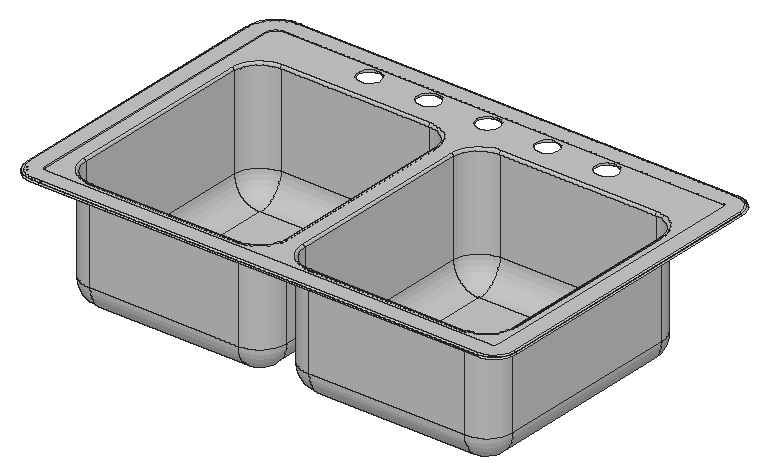
Revit family "Sink-Topmount-Acorn-DD-3322-80_Series", category Plumbing Fixtures, host Face, Revit 2019
Family settings
  Host = Face
  Round Connector Dimension = Use Diameter
  Part Type = Normal
  OmniClass Number = 23.45.05.14.14
  OmniClass Title = Sinks/Lavatories
  Cut with Voids When Loaded = No
  Shared = Yes
  Room Calculation Point = No
Parameters (values of type "DD-3322-80-5")
  Width = 33"  # constant formula
  Waste Connection = no
  WFU = 4  # constant formula
  Vent Connection = no
  URL = "https://www.acorneng.com/home"
  Type Comments = ""
  Right Faucet Hole Distance 2 = 8"
  Right Faucet Hole Distance = 4"
  Right Faucet Hole Depth 2 = 2"
  Right Faucet Hole Depth = 2"
  Revised Date = "11/21/2024"  # constant formula
  Product Page URL = "https://www.acorneng.com/acorn-sinks-drop-in-double-bowl-dd-3322"
  Product Documentation Link = "https://www.acorneng.com/uploads/fileLibrary/DD-3322_pkt.pdf"
  Model = "DD-3322-80-5"
  Material = "Stainless Steel-Acorn-Satin"  # constant formula
  Manufacturer = "Acorn"
  Length = 22"  # constant formula
  Left Faucet Hole Distance 2 = 8"
  Left Faucet Hole Distance = 4"
  Left Faucet Hole Depth 2 = 2"
  Left Faucet Hole Depth = 2"
  Installation Type = "Wall Mounted"
  Height = 8"
  HWFU = 3  # constant formula
  HW Connection = no
  Finish = Stainless Steel-Acorn-Satin
  Drain Opening Size = 3 1/2"
  Description = "Stainless Steel Drop In Sink"
  Default Elevation = 34"
  Creation Date = "23/12/2023"  # constant formula
  Compliance Certifications = "ASME A112.19.3/CSA B45.4, IAPMO® Certified"
  Central Faucet Hole Depth = 2"
  CWFU = 3  # constant formula
  CW Connection = no
  Bowl Width = 13 1/2"  # constant formula
  Bowl Length = 16"  # constant formula
  Assembly Code = "D2010440"
  -5 5 Holes on 4” Centers = yes
  -4R 3 Holes on 4” Centers w/ 4th Hole 4" to Right = no
  -3 3 Holes on 4” Centers (8” Centerset) = no
  -2R Single Hole Centered w/ 2nd Hole 4” to Right = no
  -1 Single Hole Centered = no
  -0 Blank, No Deck Punching = no
  -2 2 Holes on 4” Centers (4” Centerset) = no
Types (9): name | Right Faucet Hole Distance 2 | Right Faucet Hole Distance | Right Faucet Hole Depth 2 | Right Faucet Hole Depth | Model | Left Faucet Hole Distance 2 | Left Faucet Hole Distance | Left Faucet Hole Depth 2 | Left Faucet Hole Depth | Central Faucet Hole Depth | -5 5 Holes on 4” Centers | -4R 3 Holes on 4” Centers w/ 4th Hole 4" to Right | -3 3 Holes on 4” Centers (8” Centerset) | -2R Single Hole Centered w/ 2nd Hole 4” to Right | -1 Single Hole Centered | -0 Blank, No Deck Punching | -2 2 Holes on 4” Centers (4” Centerset)
  (no name) | 8" | 4" | 2" | 2" | "DD-3322-80-5" | 8" | 4" | 2" | 2" | 2" | yes | no | no | no | no | no | no
  DD-3322-80-0 | 6" | 4" | 1" | 1" | "DD-3322-80-0" | 6" | 4" | 1" | 1" | 1" | no | no | no | no | no | yes | no
  DD-3322-80-1 | 6" | 4" | 1" | 1" | "DD-3322-80-1" | 6" | 4" | 1" | 1" | 2" | no | no | no | no | yes | no | no
  DD-3322-80-2R | 6" | 4" | 1" | 2" | "DD-3322-80-2R" | 6" | 4" | 1" | 1" | 2" | no | no | no | yes | no | no | no
  DD-3322-80-2 | 6" | 2" | 1" | 2" | "DD-3322-80-2" | 6" | 2" | 1" | 2" | 1" | no | no | no | no | no | no | yes
  DD-3322-80-3 | 6" | 4" | 1" | 2" | "DD-3322-80-3" | 6" | 4" | 1" | 2" | 2" | no | no | yes | no | no | no | no
  DD-3322-80-4R | 8" | 4" | 2" | 2" | "DD-3322-80-4R" | 6" | 4" | 1" | 2" | 2" | no | yes | no | no | no | no | no
  DD-3322-80-5 | 8" | 4" | 2" | 2" | "DD-3322-80-5" | 8" | 4" | 2" | 2" | 2" | yes | no | no | no | no | no | no
  DD-3322-80-4L | 8" | 4" | 1" | 2" | "DD-3322-80-4L" | 8" | 4" | 2" | 2" | 2" | no | yes | no | no | no | no | no
Reference planes (in)
  plane 1 "Center (Front/Back)": y = 0
  plane 2: z = 0
  plane 3 "Center (Left/Right)": x = 0
  plane 4: z = -8
  plane 5: z = 2
  plane 6: z = 0
  plane 7: z = 0
  plane 8: z = 0
  plane 9: y = -22
  plane 10: y = -20.25
  plane 11: y = -4.25
  plane 12: y = -12.25
  plane 13: x = -16.5
  plane 14: x = 16.5
  plane 15: x = -7.375
  plane 16: x = 7.375
  plane 17: x = -14.125
  plane 18: x = -0.625
  plane 19: z = 0
  plane 20: z = 0
  plane 21: x = -8
  plane 22: x = 8
  plane 23: x = -4
  plane 24: x = 4
  plane 25: y = -2.25
  plane 26: x = 14.125
  plane 27: x = 0.625
Forms (in)
  Sweep 1, solid, material "Stainless Steel-Acorn-Satin" <- "Finish"
    path origin (0, 0.25, 0) x (1, 0, 0) y (0, 1, 0)
      loop
        arc (-14.5, -0.25) -> (-15.91421, -0.83579) -> (-16.5, -2.25) r 2
        line (-16.5, -2.25) -> (-16.5, -20.25)
        arc (-16.5, -20.25) -> (-15.91421, -21.66421) -> (-14.5, -22.25) r 2
        line (-14.5, -22.25) -> (15, -22.25)
        arc (15, -22.25) -> (16.06066, -21.81066) -> (16.5, -20.75) r 1.5
        line (16.5, -20.75) -> (16.5, -1.75)
        arc (16.5, -1.75) -> (16.06066, -0.68934) -> (15, -0.25) r 1.5
        line (15, -0.25) -> (-14.5, -0.25)
    profile origin (-16.5, -11, 0) x (-1, 0, 0) y (0, 0, 1)
      loop
        line (0, 0) -> (-0.06578, 0.05327)
        arc (-0.06578, 0.05327) -> (-0.12375, 0.08573) -> (-0.18922, 0.09698) r 0.19614
        line (-0.18922, 0.09698) -> (-0.2407, 0.09698) -> (-0.2407, 0) -> (0, 0)
  Extrusion 2, solid, material "Stainless Steel-Acorn-Satin" <- "Finish"
    sketch origin (-18.57594, 1.04906, -3.09717) x (1, 0, 0) y (0, 1, 0)
      loop
        circle (11.20094, -13.29906) r 1.75
      loop
        arc (16.26336, -7.04906) -> (16.24508, -7.00492) -> (16.20094, -6.98664) r 0.06242
        line (16.20094, -6.98664) -> (6.20094, -6.98664)
        arc (6.20094, -6.98664) -> (6.15681, -7.00492) -> (6.13853, -7.04906) r 0.06242
        line (6.13853, -7.04906) -> (6.13853, -19.54906)
        arc (6.13853, -19.54906) -> (6.15681, -19.59319) -> (6.20094, -19.61147) r 0.06242
        line (6.20094, -19.61147) -> (16.20094, -19.61147)
        arc (16.20094, -19.61147) -> (16.24508, -19.59319) -> (16.26336, -19.54906) r 0.06242
        line (16.26336, -19.54906) -> (16.26336, -7.04906)
    from -4.90302 to -4.84052
  Sweep 3, solid, material "Stainless Steel-Acorn-Satin" <- "Finish"
    path origin (0, 0.25, 0) x (1, 0, 0) y (0, 1, 0)
      loop
        line (-14.125, -6.25) -> (-14.125, -18.75)
        arc (-14.125, -18.75) -> (-13.61244, -19.98744) -> (-12.375, -20.5) r 1.75
        line (-12.375, -20.5) -> (-2.375, -20.5)
        arc (-2.375, -20.5) -> (-1.13756, -19.98744) -> (-0.625, -18.75) r 1.75
        line (-0.625, -18.75) -> (-0.625, -6.25)
        arc (-0.625, -6.25) -> (-1.13756, -5.01256) -> (-2.375, -4.5) r 1.75
        line (-2.375, -4.5) -> (-12.375, -4.5)
        arc (-12.375, -4.5) -> (-13.61244, -5.01256) -> (-14.125, -6.25) r 1.75
    profile origin (-14.125, -12.25, 0) x (1, 0, 0) y (0, 0, 1)
      loop
        line (-0.15271, 0.09698) -> (-0.21339, 0.09698) -> (-0.21339, 0) -> (-0.11121, 0)
        arc (-0.11121, 0) -> (-0.07671, -0.01429) -> (-0.06242, -0.0488) r 0.0488
        line (-0.06242, -0.0488) -> (-0.06242, -6.25019)
        arc (-0.06242, -6.25019) -> (0.45015, -7.48762) -> (1.68758, -8.00019) r 1.75
        line (1.68758, -8.00019) -> (1.68758, -7.93769)
        arc (1.68758, -7.93769) -> (0.49434, -7.44343) -> (0.00008, -6.25019) r 1.6875
        line (0.00008, -6.25019) -> (0.00008, -0.05581)
        arc (0.00008, -0.05581) -> (-0.04467, 0.05223) -> (-0.15271, 0.09698) r 0.15279
  Extrusion 4, solid, material "Stainless Steel-Acorn-Satin" <- "Finish"
    sketch origin (0, 0.25, 0) x (1, 0, 0) y (0, 1, 0)
      loop
        line (-16.2593, -2.25) -> (-16.2593, -20.25)
        arc (-16.2593, -20.25) -> (-15.74401, -21.49401) -> (-14.5, -22.0093) r 1.7593
        line (-14.5, -22.0093) -> (15, -22.0093)
        arc (15, -22.0093) -> (15.89046, -21.64046) -> (16.2593, -20.75) r 1.2593
        line (16.2593, -20.75) -> (16.2593, -1.75)
        arc (16.2593, -1.75) -> (15.89046, -0.85954) -> (15, -0.4907) r 1.2593
        line (15, -0.4907) -> (-14.5, -0.4907)
        arc (-14.5, -0.4907) -> (-15.74401, -1.00599) -> (-16.2593, -2.25) r 1.7593
      loop
        arc (-12.375, -4.28661) -> (-13.76333, -4.86167) -> (-14.33839, -6.25) r 1.96339
        line (-14.33839, -6.25) -> (-14.33839, -18.75)
        arc (-14.33839, -18.75) -> (-13.76333, -20.13833) -> (-12.375, -20.71339) r 1.96339
        line (-12.375, -20.71339) -> (-2.375, -20.71339)
        arc (-2.375, -20.71339) -> (-0.98667, -20.13833) -> (-0.41161, -18.75) r 1.96339
        line (-0.41161, -18.75) -> (-0.41161, -6.25)
        arc (-0.41161, -6.25) -> (-0.98667, -4.86167) -> (-2.375, -4.28661) r 1.96339
        line (-2.375, -4.28661) -> (-12.375, -4.28661)
      loop
        line (12.875, -4.28661) -> (2.375, -4.28661)
        arc (2.375, -4.28661) -> (0.98667, -4.86167) -> (0.41161, -6.25) r 1.96339
        line (0.41161, -6.25) -> (0.41161, -18.75)
        arc (0.41161, -18.75) -> (0.98667, -20.13833) -> (2.375, -20.71339) r 1.96339
        line (2.375, -20.71339) -> (12.875, -20.71339)
        arc (12.875, -20.71339) -> (14.26333, -20.13833) -> (14.83839, -18.75) r 1.96339
        line (14.83839, -18.75) -> (14.83839, -6.25)
        arc (14.83839, -6.25) -> (14.26333, -4.86167) -> (12.875, -4.28661) r 1.96339
    from 0 to 0.09698
  Extrusion 5, void
    sketch origin (0, 0, 0) x (1, 0, 0) y (0, 1, 0)
      loop
        line (-16.5, -2) -> (-16.5, -20.5)
        arc (-16.5, -20.5) -> (-16.06066, -21.56066) -> (-15, -22) r 1.5
        line (-15, -22) -> (15, -22)
        arc (15, -22) -> (16.06066, -21.56066) -> (16.5, -20.5) r 1.5
        line (16.5, -20.5) -> (16.5, -1.5)
        arc (16.5, -1.5) -> (16.06066, -0.43934) -> (15, 0) r 1.5
        line (15, 0) -> (-14.5, 0)
        arc (-14.5, 0) -> (-15.91421, -0.58579) -> (-16.5, -2) r 2
    from -21.11575 to 12
  Sweep 6, solid, material "Stainless Steel-Acorn-Satin" <- "Finish"
    path origin (0, 0, 0) x (1, 0, 0) y (0, 1, 0)
      loop
        arc (-14.5, 0) -> (-15.91421, -0.58579) -> (-16.5, -2) r 2
        line (-16.5, -2) -> (-16.5, -20.5)
        arc (-16.5, -20.5) -> (-16.06066, -21.56066) -> (-15, -22) r 1.5
        line (-15, -22) -> (15, -22)
        arc (15, -22) -> (16.06066, -21.56066) -> (16.5, -20.5) r 1.5
        line (16.5, -20.5) -> (16.5, -1.5)
        arc (16.5, -1.5) -> (16.06066, -0.43934) -> (15, 0) r 1.5
        line (15, 0) -> (-14.5, 0)
    profile origin (0.25, 0, 0) x (0, 1, 0) y (0, 0, 1)
      loop
        line (-0.00024, 0) -> (-0.08808, 0.07113)
        arc (-0.08808, 0.07113) -> (-0.14336, 0.10209) -> (-0.20581, 0.11282) r 0.18708
        line (-0.20581, 0.11282) -> (-1.25, 0.11282) -> (-1.25, 0) -> (-0.00024, 0)
  Extrusion 7, void
    sketch origin (2, 0, 0) x (1, 0, 0) y (0, 1, 0)
      loop
        circle (-2, -2.25) r 0.75
    from 0 to 2
  Extrusion 8, solid, material "Stainless Steel-Acorn-Satin" <- "Finish"
    sketch origin (18.57594, 1.04906, -3.09717) x (-1, 0, 0) y (0, -1, 0)
      loop
        circle (11.20094, 13.29906) r 1.75
      loop
        line (16.26336, 7.04906) -> (16.26336, 19.54906)
        arc (16.26336, 19.54906) -> (16.24508, 19.59319) -> (16.20094, 19.61147) r 0.06242
        line (16.20094, 19.61147) -> (5.70094, 19.61147)
        arc (5.70094, 19.61147) -> (5.65681, 19.59319) -> (5.63853, 19.54906) r 0.06242
        line (5.63853, 19.54906) -> (5.63853, 7.04906)
        arc (5.63853, 7.04906) -> (5.65681, 7.00492) -> (5.70094, 6.98664) r 0.06242
        line (5.70094, 6.98664) -> (16.20094, 6.98664)
        arc (16.20094, 6.98664) -> (16.24508, 7.00492) -> (16.26336, 7.04906) r 0.06242
    from -4.90302 to -4.84052
  Sweep 9, solid, material "Stainless Steel-Acorn-Satin" <- "Finish"
    path origin (0, 0.25, 0) x (-1, 0, 0) y (0, -1, 0)
      loop
        arc (-14.625, 6.25) -> (-14.11244, 5.01256) -> (-12.875, 4.5) r 1.75
        line (-12.875, 4.5) -> (-2.375, 4.5)
        arc (-2.375, 4.5) -> (-1.13756, 5.01256) -> (-0.625, 6.25) r 1.75
        line (-0.625, 6.25) -> (-0.625, 18.75)
        arc (-0.625, 18.75) -> (-1.13756, 19.98744) -> (-2.375, 20.5) r 1.75
        line (-2.375, 20.5) -> (-12.875, 20.5)
        arc (-12.875, 20.5) -> (-14.11244, 19.98744) -> (-14.625, 18.75) r 1.75
        line (-14.625, 18.75) -> (-14.625, 6.25)
    profile origin (14.625, -12.25, 0) x (1, 0, 0) y (0, 0, 1)
      loop
        arc (0.15271, 0.09698) -> (0.04467, 0.05223) -> (-0.00008, -0.05581) r 0.15279
        line (-0.00008, -0.05581) -> (-0.00008, -6.25019)
        arc (-0.00008, -6.25019) -> (-0.49434, -7.44343) -> (-1.68758, -7.93769) r 1.6875
        line (-1.68758, -7.93769) -> (-1.68758, -8.00019)
        arc (-1.68758, -8.00019) -> (-0.45015, -7.48762) -> (0.06242, -6.25019) r 1.75
        line (0.06242, -6.25019) -> (0.06242, -0.0488)
        arc (0.06242, -0.0488) -> (0.07671, -0.01429) -> (0.11121, 0) r 0.0488
        line (0.11121, 0) -> (0.21339, 0) -> (0.21339, 0.09698) -> (0.15271, 0.09698)
  Extrusion 10, void
    sketch origin (0, 0, 0) x (1, 0, 0) y (0, 1, 0)
      loop
        circle (-4, -2.25) r 0.75
    from 0 to 2
  Extrusion 11, void
    sketch origin (-4, 0, 0) x (1, 0, 0) y (0, 1, 0)
      loop
        circle (-4, -2.25) r 0.75
    from 0 to 2
  Extrusion 12, void
    sketch origin (4, 0, 0) x (1, 0, 0) y (0, 1, 0)
      loop
        circle (0, -2.25) r 0.75
    from 0 to 2
  Extrusion 13, void
    sketch origin (8, 0, 0) x (1, 0, 0) y (0, 1, 0)
      loop
        circle (0, -2.25) r 0.75
    from 0 to 2
Cuts and joins
  Extrusion 7, Extrusion 10, Extrusion 11, Extrusion 12, Extrusion 13 cuts Sweep 1
  Extrusion 7, Extrusion 10, Extrusion 11, Extrusion 12, Extrusion 13 cuts Extrusion 2
  Extrusion 7, Extrusion 10, Extrusion 11, Extrusion 12, Extrusion 13 cuts Sweep 3
  Extrusion 7, Extrusion 10, Extrusion 11, Extrusion 12, Extrusion 13 cuts Extrusion 4
  Extrusion 7, Extrusion 10, Extrusion 11, Extrusion 12, Extrusion 13 cuts Extrusion 8
  Extrusion 7, Extrusion 10, Extrusion 11, Extrusion 12, Extrusion 13 cuts Sweep 9
  joined: Sweep 1, Extrusion 2, Sweep 3, Extrusion 4, Extrusion 8, Sweep 9
Dimensions and locks (in)
  host face to plane 4 = 8"
  "Left Faucet Hole Depth": plane 5 to plane 6
  "Right Faucet Hole Depth": plane 5 to plane 8
  "Central Faucet Hole Depth": plane 5 to plane 7
  locked: plane 10 to plane 9 at 1.75
  plane 11 to plane 12 = 8"
  "Width": plane 13 to plane 14
  plane 13 to plane 15 = 9 1/8"
  plane 16 to plane 14 = 9 1/8"
  plane 15 to plane 16 = 14 3/4"
  "Right Faucet Hole Depth 2": plane 5 to plane 20
  "Left Faucet Hole Distance 2": plane 21 to plane 3 "Center (Left/Right)"
  "Right Faucet Hole Distance 2": plane 3 "Center (Left/Right)" to plane 22
  "Left Faucet Hole Depth 2": plane 5 to plane 19
  "Left Faucet Hole Distance": plane 23 to plane 3 "Center (Left/Right)"
  "Right Faucet Hole Distance": plane 3 "Center (Left/Right)" to plane 24
  "Length": plane 9 to plane 1 "Center (Front/Back)"
  "Bowl Length": plane 11 to plane 10
  locked: plane 25 to plane 11 at 2
  plane 17 to plane 15 to plane 18 = 6 3/4", 6 3/4"
  Sweep 9 sketch curve to plane 16 = 6 3/4"
  plane 16 to Sweep 9 sketch curve = 7 1/4"
  "Bowl Width": plane 17 to plane 18
  plane 26 to plane 16 to plane 27 = 6 3/4", 6 3/4"
  "Bowl Width": plane 26 to plane 27
  aligned and locked: host face to plane 2
  aligned and locked: host face to level
  aligned and locked: plane 3 "Center (Left/Right)" to Extrusion 7 sketch curve
  aligned and locked: Extrusion 7 to plane 7
  aligned and locked: plane 1 "Center (Front/Back)" to Sweep 1 sketch curve
  aligned and locked: plane 12 to Extrusion 2 sketch curve
  aligned and locked: plane 15 to Extrusion 2 sketch curve
  aligned and locked: plane 5 to Extrusion 10
  aligned and locked: Extrusion 10 to plane 6
  aligned and locked: Extrusion 11 to plane 19
  aligned and locked: Extrusion 12 to plane 8
  aligned and locked: plane 20 to Extrusion 13
  aligned and locked: Extrusion 10 sketch curve to plane 23
  aligned and locked: plane 24 to Extrusion 12 sketch curve
  aligned and locked: Extrusion 11 sketch curve to plane 25
  aligned and locked: Extrusion 10 sketch curve to plane 25
  aligned and locked: Extrusion 7 sketch curve to plane 25
  aligned and locked: Extrusion 12 sketch curve to plane 25
  aligned and locked: Extrusion 13 sketch curve to plane 25
Automatic sketch dimensions
  host sketch curve to host sketch curve = 161.60125"
  host sketch curve to host sketch curve = 96"
  Sweep 1 sketch curve to plane 13 = 0"
  Sweep 1 sketch curve to plane 9 = 0"
  Sweep 1 sketch curve to plane 14 = 0"
  Sweep 1 sketch curve to plane 17 = 3/8"  (x2)
  plane 14 to Sweep 1 sketch curve = 1 1/2"
  Sweep 1 sketch curve to profile plane = 0"  (x2)
  profile plane to Sweep 1 sketch curve = 0.06578"
  profile plane to Sweep 1 sketch curve = 0.18922"
  Sweep 1 sketch curve to Sweep 1 sketch curve = 0.05148"
  Sweep 1 sketch curve to profile plane = 0.09915"
  profile plane to Sweep 1 sketch curve = 0.05327"
  plane 17 to Extrusion 2 sketch curve = 1 3/4"  (x2)
  Extrusion 2 sketch curve to Extrusion 2 sketch curve = 0.06242"  (x2)
  plane 10 to Extrusion 2 sketch curve = 1 3/4"
  Extrusion 2 sketch curve to plane 11 = 1 3/4"
  Sweep 3 sketch curve to plane 17 = 0"
  Sweep 3 sketch curve to plane 11 = 0"
  Sweep 3 sketch curve to plane 10 = 0"
  Sweep 3 sketch curve to plane 18 = 0"
  Sweep 3 sketch curve to Sweep 3 sketch curve = 1 3/4"
  plane 17 to Sweep 3 sketch curve = 1 3/4"
  Sweep 3 sketch curve to Sweep 3 sketch curve = 0"  (x2)
  Sweep 3 sketch curve to profile plane = 0"
  profile plane to Sweep 3 sketch curve = 0.09698"
  profile plane to Sweep 3 sketch curve = 0.21339"
  Sweep 3 sketch curve to Sweep 3 sketch curve = 0.06068"
  Sweep 3 sketch curve to Sweep 3 sketch curve = 0.0415"
  profile plane to Sweep 3 sketch curve = 0.06242"
  Sweep 3 sketch curve to profile plane = 0.00008"
  Sweep 3 sketch curve to Sweep 3 sketch curve = 1 11/16"
  Sweep 3 sketch curve to profile plane = 6.25019"
  plane 13 to Extrusion 4 sketch curve = 0.2407"
  plane 9 to Extrusion 4 sketch curve = 0.2407"
  Extrusion 4 sketch curve to plane 17 = 3/8"  (x2)
  Extrusion 4 sketch curve to plane 17 = 0.21339"
  Extrusion 4 sketch curve to plane 10 = 0.21339"  (x2)
  plane 17 to Extrusion 4 sketch curve = 1 3/4"  (x2)
  Extrusion 4 sketch curve to plane 18 = 0.21339"
  plane 3 "Center (Left/Right)" to Extrusion 4 sketch curve = 0.41161"
  Extrusion 4 sketch curve to plane 11 = 1 3/4"  (x3)
  plane 14 to Extrusion 4 sketch curve = 3 5/8"  (x2)
  plane 14 to Extrusion 4 sketch curve = 1.66161"
  plane 14 to Extrusion 4 sketch curve = 1 1/2"  (x2)
  plane 14 to Extrusion 4 sketch curve = 0.2407"
  Extrusion 5 sketch curve to plane 13 = 0"
  plane 1 "Center (Front/Back)" to Extrusion 5 sketch curve = 0"
  Extrusion 5 sketch curve to plane 9 = 0"
  Extrusion 5 sketch curve to plane 14 = 0"
  Extrusion 5 sketch curve to plane 17 = 3/8"
  Extrusion 5 sketch curve to plane 10 = 1/4"  (x2)
  Sweep 6 sketch curve to plane 13 = 0"
  plane 1 "Center (Front/Back)" to Sweep 6 sketch curve = 0"
  Sweep 6 sketch curve to plane 9 = 0"
  Sweep 6 sketch curve to plane 14 = 0"
  Sweep 6 sketch curve to plane 17 = 3/8"
  Sweep 6 sketch curve to plane 10 = 1/4"  (x2)
  plane 14 to Sweep 6 sketch curve = 1 1/2"
  Sweep 6 sketch curve to level = 0"
  profile plane to Sweep 6 sketch curve = 1 1/4"
  level to Sweep 6 sketch curve = 0.11282"
  profile plane to Sweep 6 sketch curve = 0.20581"
  level to Sweep 6 sketch curve = 0.07113"
  profile plane to Sweep 6 sketch curve = 0.08808"
  profile plane to Sweep 6 sketch curve = 0.00024"
  Extrusion 8 sketch curve to plane 12 = 0"
  Extrusion 8 sketch curve to plane 16 = 0"
  Extrusion 8 sketch curve to plane 11 = 1 3/4"
  plane 14 to Extrusion 8 sketch curve = 3 5/8"  (x2)
  plane 10 to Extrusion 8 sketch curve = 1 3/4"
  Extrusion 8 sketch curve to Extrusion 8 sketch curve = 0.06242"  (x2)
  Sweep 9 sketch curve to plane 11 = 0"
  Sweep 9 sketch curve to plane 10 = 0"
  Sweep 9 sketch curve to Sweep 9 sketch curve = 1 3/4"  (x2)
  Sweep 9 sketch curve to Sweep 9 sketch curve = 0"  (x2)
  Sweep 9 sketch curve to profile plane = 0"
  profile plane to Sweep 9 sketch curve = 1.68758"
  profile plane to Sweep 9 sketch curve = 0.00008"
  Sweep 9 sketch curve to profile plane = 0.06242"
  Sweep 9 sketch curve to Sweep 9 sketch curve = 0.0488"
  Sweep 9 sketch curve to Sweep 9 sketch curve = 0.0415"
  Sweep 9 sketch curve to Sweep 9 sketch curve = 0.06068"
  Sweep 9 sketch curve to profile plane = 0.05581"
  Sweep 9 sketch curve to profile plane = 6.25019"
  Extrusion 11 sketch curve to plane 21 = 0"
  Extrusion 13 sketch curve to plane 22 = 0"
  plane 18 to Extrusion 2 sketch curve = 1 3/4"  (x2)
  plane 18 to Sweep 3 sketch curve = 1 3/4"
  Sweep 3 sketch curve to plane 11 = 1 3/4"
  plane 10 to Extrusion 4 sketch curve = 1 3/4"
  plane 3 "Center (Left/Right)" to Extrusion 4 sketch curve = 2 3/8"  (x2)
  plane 3 "Center (Left/Right)" to Extrusion 8 sketch curve = 2 3/8"  (x2)
  plane 3 "Center (Left/Right)" to Sweep 9 sketch curve = 2 3/8"
  Sweep 9 sketch curve to plane 11 = 1 3/4"
  plane 1 "Center (Front/Back)" to Sweep 1 sketch curve = 1 1/2"
  plane 1 "Center (Front/Back)" to Extrusion 4 sketch curve = 1 1/2"
  Extrusion 5 sketch curve to Extrusion 5 sketch curve = 1 1/2"
  radius of Extrusion 2 sketch curve = 1 3/4"
  radius of Extrusion 7 sketch curve = 3/4"
  radius of Extrusion 8 sketch curve = 1 3/4"
  radius of Extrusion 10 sketch curve = 3/4"
  radius of Extrusion 11 sketch curve = 3/4"
  radius of Extrusion 12 sketch curve = 3/4"
  radius of Extrusion 13 sketch curve = 3/4"
